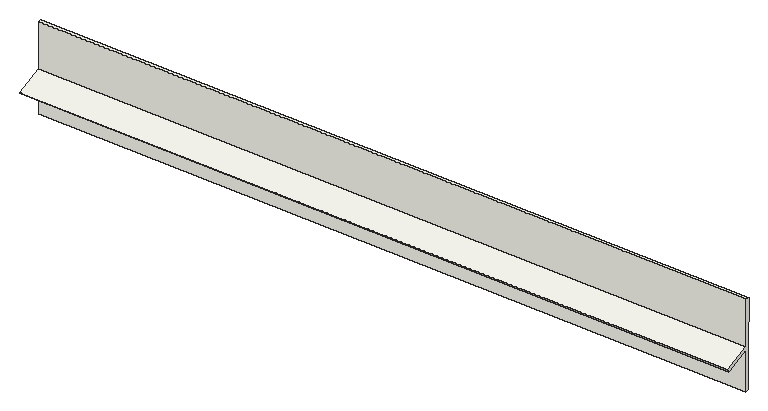
Revit family "Steni - Profile - Horizontal Joint HFP 7-30", category Generic Models, Revit 2016
Family settings
  Part Type = Normal
  Can host rebar = No
  Round Connector Dimension = Use Diameter
  Work Plane-Based = No
  Always vertical = Yes
  Cut with Voids When Loaded = No
  Shared = No
  Room Calculation Point = No
Parameters (values of type "S 0502-Y White")
  Width = 0 mm
  URL = "http://bimobject.com/steni/product/steniprofiles_joint"
  Product family = "Steni Profiles"
  Model = "HFP 7-30"
  Material main = Steni Aluminium Profile White S0502-Y
  Manufacturer = "www.steni.com"
  Height [instance] = 250 mm
  Description = "Aluminium profile for Steni facade systems"
  DepthSmall = 1 mm
  DepthBig = 5.48 mm
Types (3, lengths in mm): name | Material main
  Anodized 15µ | Steni Aluminium Profile Anodized
  S 0502-Y White | Steni Aluminium Profile White S0502-Y
  RAL 9005 Black | Steni Aluminium Profile Black RAL9005
Reference planes
  plane 1 "Center (Front/Back)": y = 0
  plane 2: z = 0
  plane 3 "Center (Left/Right)": x = 0
  plane 4: y = -1
Forms (mm)
  Extrusion 1, solid, material "Steni Aluminium Profile White S0502-Y" <- "Material main"
    sketch origin (0.002, 3.209, 1) x (0, 1, 0) y (0, 0, -1)
      loop
        line (-11.709, 3.08) -> (-12.199, 2.264) -> (-4.209, -1.577) -> (-4.209, -16.688) -> (-3.209, -16.688) -> (-3.209, -1.126) -> (-3.209, 12.687) -> (-4.209, 12.687) -> (-4.209, -0.525) -> (-11.709, 3.08)
    from 0 to -249.998
Dimensions and locks
  "Height": plane 3 "Center (Left/Right)" to Extrusion 1
  "DepthSmall": plane 4 to plane 1 "Center (Front/Back)"
  aligned and locked: level to plane 2
  aligned and locked: Extrusion 1 sketch curve to plane 1 "Center (Front/Back)"
  aligned and locked: plane 1 "Center (Front/Back)" to Extrusion 1 sketch curve
  aligned and locked: plane 4 to Extrusion 1 sketch curve
  aligned and locked: Extrusion 1 sketch curve to plane 4
Automatic sketch dimensions
  Extrusion 1 sketch curve to level = 2.08 mm
  Extrusion 1 sketch curve to plane 4 = 7.5 mm
  Extrusion 1 sketch curve to level = 1.264 mm
  Extrusion 1 sketch curve to Extrusion 1 sketch curve = 0.49 mm
  level to Extrusion 1 sketch curve = 1.525 mm
  Extrusion 1 sketch curve to Extrusion 1 sketch curve = 0.601 mm
  Extrusion 1 sketch curve to Extrusion 1 sketch curve = 0.451 mm
  Extrusion 1 sketch curve to Extrusion 1 sketch curve = 15.11 mm
  Extrusion 1 sketch curve to level = 11.687 mm
